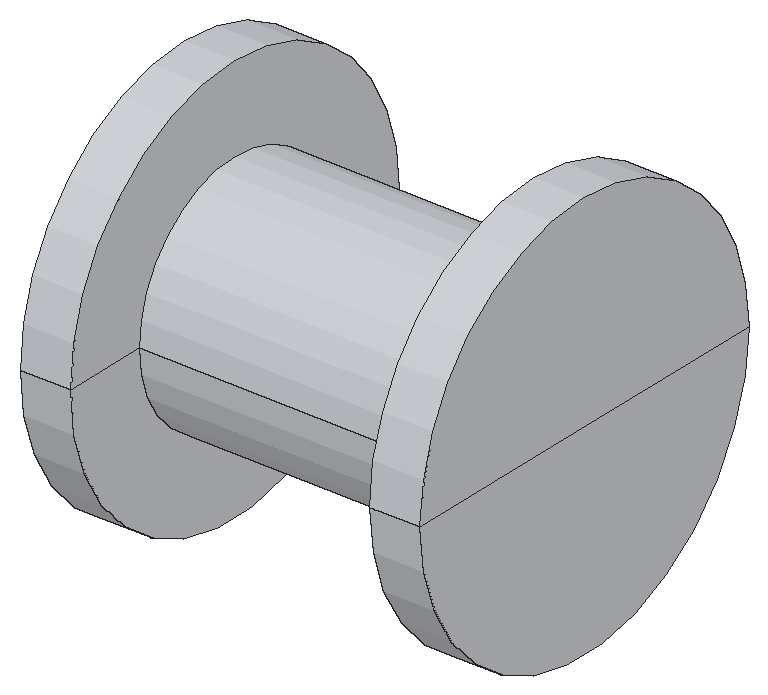
Revit family "f186d08abba749818d553d8f6dc792a4", category Pipe Fittings, Revit 2021
Family settings
  Round Connector Dimension = Use Radius
  Part Type = Union
  OmniClass Number = 23.60.30.11.14
  OmniClass Title = Pipework Fittings
  Seek Item ID = Coupling - Generic-0000-USA-ENU
  Work Plane-Based = No
  Always vertical = Yes
  Cut with Voids When Loaded = No
  Shared = No
Parameters (values of type "Standard")
  URL = ""
  Type Comments = ""
  Tick Size [instance] = Socket Outside Diameter * 0.4  # 1.7920"
  Nominal Radius [instance] = 1.5000"
  Nominal Diameter [instance] = Nominal Radius * 2  # 3.0000"
  Manufacturer = ""
  Loss Method = K Coefficient from Table
  Lookup Table Name = "Sleeve Transition - MJ - DI - Class 350"
  Length Not Found [instance] = if(Nominal Diameter < 14.0000", 7.5000", if(Nominal Diameter < 30.0000", 9.5000", 15.0000"))  # 7.5000"
  Length [instance] = size_lookup(Lookup Table Name, "Lgt", Length Not Found, Nominal Diameter)  # 7.5000"
  K Coefficient Table = "Reducer/Coupling/Union/Increaser"
  built-in parameter 1114238 [instance] = (empty or 0)
  Socket Outside Radius [instance] = Socket Outside Diameter / 2  # 2.2400"
  Socket Outside Diameter [instance] = size_lookup(Lookup Table Name, "SOD", 1.08 * Nominal Diameter + 1.1200", Nominal Diameter)  # 4.4800"
  Description = ""
  Gland Width [instance] = size_lookup(Lookup Table Name, "GWid", 0.03 * Nominal Diameter + 0.9400", Nominal Diameter)  # 0.9400"
  Gland Outside Radius [instance] = Gland Outside Diameter / 2  # 3.8450"
  Gland Outside Diameter [instance] = size_lookup(Lookup Table Name, "GOD", 1.16 * Nominal Diameter + 4.0300", Nominal Diameter)  # 7.6900"
  Default Elevation = 0.0000"
  Assembly Code = ""
Reference planes (in)
  plane 1 "Center (Front/Back)": y = 0
  plane 2: z = 0
  plane 3 "Center (Left/Right)": x = 0
  plane 4: x = -3.75
  plane 5: x = 3.75
  plane 6: y = 1.792
  plane 7: y = -1.792
  plane 8: y = 3.845
  plane 9: y = 2.24
  plane 10: x = -2.81
  plane 11: x = 2.81
Forms (in)
  Revolve 1, solid, detail levels fine
    sketch origin (0, 0, 0) x (1, 0, 0) y (0, 1, 0)
      loop
        line (-3.75, 0) -> (3.75, 0) -> (3.75, 3.845) -> (2.81, 3.845) -> (2.81, 2.24) -> (-2.81, 2.24) -> (-2.81, 3.845) -> (-3.75, 3.845) -> (-3.75, 0)
      axis (-3.75, 0) -> (3.75, 0)
    angle from 0 to 360
Lines and regions (in)
  model lines, style "PipeFitting", detail levels coarse+medium
    curve 1: line (-3.75, 0, 0) -> (3.75, 0, 0)
  model lines, detail levels coarse+medium
    curve 2: line (-3.75, 1.792, 0) -> (-3.75, -1.792, 0)
    curve 3: line (3.75, 1.792, 0) -> (3.75, -1.792, 0)
Dimensions and locks (in)
  "Tick Size": plane 6 to plane 1 "Center (Front/Back)"
  "Tick Size": plane 7 to plane 1 "Center (Front/Back)"
  "Gland Outside Radius": plane 8 to plane 1 "Center (Front/Back)"
  "Socket Outside Radius": plane 9 to plane 1 "Center (Front/Back)"
  "Gland Width": plane 11 to plane 5
  "Gland Width": plane 4 to plane 10
  "Length": plane 4 to plane 5
  equal spacing: plane 4, plane 3 "Center (Left/Right)", plane 5
  aligned and locked: plane 6 to curve 2
  aligned and locked: plane 7 to curve 2
  aligned and locked: curve 2 to plane 4
  aligned and locked: plane 6 to curve 3
  aligned and locked: plane 7 to curve 3
  aligned and locked: plane 5 to curve 3
  aligned and locked: plane 4 to curve 1
  aligned and locked: plane 5 to curve 1
  aligned and locked: plane 1 "Center (Front/Back)" to curve 1
  aligned and locked: plane 1 "Center (Front/Back)" to Revolve 1 sketch curve
  aligned and locked: plane 4 to Revolve 1 sketch curve
  aligned and locked: plane 5 to Revolve 1 sketch curve
  aligned and locked: Revolve 1 sketch curve to plane 8  (x2)
  aligned and locked: Revolve 1 sketch curve to Revolve 1 sketch curve
  aligned and locked: Revolve 1 sketch curve to plane 10
  aligned and locked: plane 11 to Revolve 1 sketch curve
  aligned and locked: Revolve 1 sketch curve to plane 9
Automatic sketch dimensions
  Revolve 1 sketch curve to plane 4 = 0.5000"
  Revolve 1 sketch curve to plane 5 = 0.6875"
Connectors (in)
  piping at (-3.75, 0, 0), diameter 3, driven by "Nominal Radius"
    settings: on Revolve 1, index 1, connector inside diameter 3.0000", connector length 0.0000", flow factor 0, pipe flow 0 GPM, pressure drop 0.00 psi, fitting loss kfactor 0, connector angle 0.00°, fixture units 0, engagement length 0.0000", angle of deflection 0.00°, flow configuration 0, flow direction 0, fitting loss method 0, system type 28, joint type 0, gender type 0, connector reference index 2, connector utility 0, adjustable connector no, is connector primary yes, connector description ""
  piping at (3.75, 0, 0), diameter 3, driven by "Nominal Radius"
    settings: on Revolve 1, index 2, connector inside diameter 3.0000", connector length 0.0000", flow factor 0, pipe flow 0 GPM, pressure drop 0.00 psi, fitting loss kfactor 0, connector angle 0.00°, fixture units 0, engagement length 0.0000", angle of deflection 0.00°, flow configuration 0, flow direction 0, fitting loss method 0, system type 28, joint type 0, gender type 0, connector reference index 1, connector utility 0, adjustable connector no, is connector primary no, connector description ""
